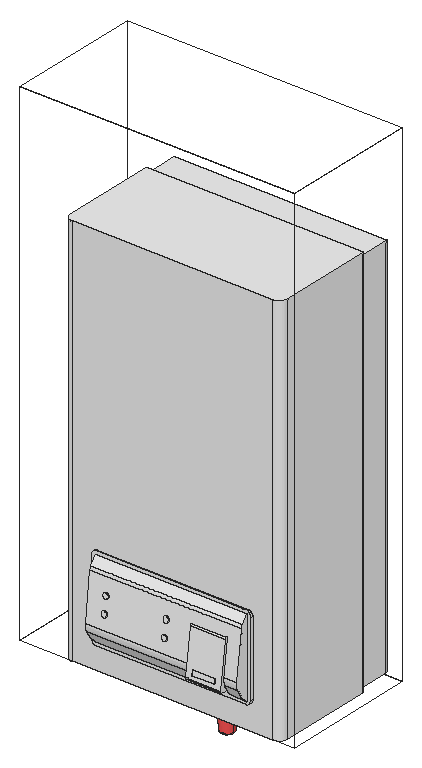
Revit family "SpecEquip_BoilingUnit_Zip UK_On-Wall_HydroBoilPlus", category Specialty Equipment, Revit 2016
Family settings
  Part Type = Normal
  Round Connector Dimension = Use Diameter
  OmniClass Number = 23.75.70.17.21
  OmniClass Title = Embedded Water Heating Terminals
  Work Plane-Based = No
  Always vertical = Yes
  Cut with Voids When Loaded = Yes
  Shared = No
  Room Calculation Point = No
Parameters (values of type "7.5l")
  Uniclass2015Version = "Products v1.14"
  Uniclass2015Title = "Electric storage water heaters"
  Uniclass2015Code = "Pr_60_60_96_28"
  URL = "https://www.zipwater.co.uk/"
  Type Comments = "7.5 Litre Hydroboil Plus"
  Required Space [instance] = yes
  ModifiedIssue_ANZRS = 20190830
  Model = "307562"
  Manufacturer_URL__Product Specific = "https://specify.zipwater.co.uk/our-ranges/hydroboil"
  Manufacturer_Spec Code = "307562"
  Manufacturer_Overall Width = 318 mm
  Manufacturer_Overall Height = 578 mm
  Manufacturer_Overall Depth = 198 mm
  Manufacturer_Height From FFL [instance] = 900 mm
  Manufacturer = "ZIP Water UK"  # constant formula
  IfcExportType = "WATER"
  IfcExportAs = "IfcBoiler"
  Body Material = z_Zip_White
  Description = "HydroBoil Plus - On wall boiling water"
  CreatedBy_ANZRS = "IGS BIM Solutions"  # constant formula
  CreatedByURL_ANZRS = "https://igsgroup.com.au/"
  Tap Material = z_Zip_Red
Types (3, lengths in mm): name | Type Comments | Model | Manufacturer_Spec Code | Manufacturer_Overall Width | Manufacturer_Overall Height | Manufacturer_Overall Depth
  7.5l | "7.5 Litre Hydroboil Plus" | "307562" | "307562" | 318 | 578 | 198
  5.0l | "5.0 Litre Hydroboil Plus" | "305562" | "305562" | 318 | 465 | 198
  3.0l | "3.0 Litre Hydroboil Plus" | "303562" | "303562" | 289 | 431 | 180
Reference planes
  plane 1 "Ref. Level": z = 0
  plane 2 "Center (Left/Right)": x = 1
  plane 3 "Right": x = 160
  plane 4 "Left": x = -158
  plane 5 "Bottom": z = 900
  plane 6 "Bottom of Filter": z = 874.21
  plane 7 "Front": y = -82.5
  plane 8 "Top": z = 1478
  plane 9 "Back": y = 115.5
  plane 10 "Center (Front/Back)": y = 16.5
  plane 11 "Filter Front": y = -107.5
  plane 12 "Right Offset": x = 118
  plane 13 "Left Offset": x = -116
  plane 14 "Center of outlet": y = -63.125
  plane 15 "Back Ref for bottom plate": y = -27.428
  plane 16 "Front Ref for bottom plate": y = -80.373
  plane 17 "Back offset": y = 68.5
  plane 18 "Top offset": z = 1472.6
  plane 19 "Bottom offset": z = 905.4
Forms (mm)
  Extrusion 1, solid, material "z_Zip_White" <- "Body Material"
    sketch origin (0, 0, 1478) x (0, 1, 0) y (-1, 0, 0)
      loop
        arc (115.5, 153.5) -> (115.061, 154.561) -> (114, 155) r 1.5
        line (114, 155) -> (68.5, 155) -> (68.5, -157) -> (114, -157)
        arc (114, -157) -> (115.061, -156.561) -> (115.5, -155.5) r 1.5
        line (115.5, -155.5) -> (115.5, 153.5)
    from -572.6 to -5.4
  Extrusion 2, solid, material "z_Zip_White" <- "Body Material"
    sketch origin (0, 0, 900) x (-1, 0, 0) y (0, -1, 0)
      loop
        arc (158, 70.5) -> (154.485, 78.985) -> (146, 82.5) r 12
        line (146, 82.5) -> (-148, 82.5)
        arc (-148, 82.5) -> (-156.485, 78.985) -> (-160, 70.5) r 12
        line (-160, 70.5) -> (-160, -67)
        arc (-160, -67) -> (-159.561, -68.061) -> (-158.5, -68.5) r 1.5
        line (-158.5, -68.5) -> (156.5, -68.5)
        arc (156.5, -68.5) -> (157.561, -68.061) -> (158, -67) r 1.5
        line (158, -67) -> (158, 70.5)
    from 0 to 578
  Extrusion 3, solid, material "z_Zip_White" <- "Body Material"
    sketch origin (1, 0, 2.439) x (0, 1, 0) y (0, 0, 1)
      loop
        line (-85, 1052.065) -> (-93.031, 1040.595)
        arc (-93.031, 1040.595) -> (-94.159, 1038.485) -> (-94.754, 1036.167) r 10
        line (-94.754, 1036.167) -> (-103.636, 968.837)
        arc (-103.636, 968.837) -> (-103.509, 962.779) -> (-101.574, 957.037) r 20
        arc (-101.574, 957.037) -> (-94.315, 945.862) -> (-85, 936.332) r 67.447
        line (-85, 936.332) -> (-85, 1052.065)
    from -111 to 111
  Extrusion 4, solid, material "z_Zip_White" <- "Body Material"
    sketch origin (1, 0.483, 2.439) x (0, 1, 0) y (0, 0, 1)
      loop
        arc (-107.965, 951.775) -> (-107.627, 950.372) -> (-106.433, 949.561) r 2
        line (-106.433, 949.561) -> (-101.236, 948.361) -> (-97.873, 950.68)
        arc (-97.873, 950.68) -> (-99.821, 953.806) -> (-101.595, 957.033) r 67.447
        arc (-101.595, 957.033) -> (-103.52, 962.779) -> (-103.636, 968.837) r 20
        line (-103.636, 968.837) -> (-96.896, 1019.23)
        arc (-96.896, 1019.23) -> (-98.509, 1018.277) -> (-99.298, 1016.577) r 3.155
        line (-99.298, 1016.577) -> (-107.965, 951.775)
    from 39 to 91
  Extrusion 5, void
    sketch origin (0, -82.5, 12.439) x (-1, 0, 0) y (0, 0, 1)
      loop
        arc (-40, 941.317) -> (-40.146, 940.964) -> (-40.5, 940.817) r 0.5
        line (-40.5, 940.817) -> (-91.5, 940.817)
        arc (-91.5, 940.817) -> (-91.854, 940.964) -> (-92, 941.317) r 0.5
        line (-92, 941.317) -> (-92, 925.959)
        arc (-92, 925.959) -> (-91.854, 926.312) -> (-91.5, 926.459) r 0.5
        line (-91.5, 926.459) -> (-40.539, 926.459)
        arc (-40.539, 926.459) -> (-40.158, 926.301) -> (-40, 925.92) r 0.539
        line (-40, 925.92) -> (-40, 941.317)
    from -14.972 to 0
  Extrusion 6, void
    sketch origin (0, -82.5, 12.439) x (-1, 0, 0) y (0, 0, 1)
      loop
        line (-48.626, 947.866) -> (-48.626, 954.367)
        arc (-48.626, 954.367) -> (-48.773, 954.72) -> (-49.126, 954.867) r 0.5
        line (-49.126, 954.867) -> (-81.814, 954.867)
        arc (-81.814, 954.867) -> (-82.168, 954.72) -> (-82.314, 954.367) r 0.5
        line (-82.314, 954.367) -> (-82.314, 947.867)
        arc (-82.314, 947.867) -> (-82.168, 947.513) -> (-81.814, 947.367) r 0.5
        line (-81.814, 947.367) -> (-49.125, 947.367)
        arc (-49.125, 947.367) -> (-48.773, 947.513) -> (-48.626, 947.866) r 0.499
      loop
        line (-49.126, 947.867) -> (-49.126, 954.367) -> (-81.814, 954.367) -> (-81.814, 947.867) -> (-49.126, 947.867)
    from -26.274 to -18.587
  Revolve 7, solid, material "z_Zip_Red" <- "Tap Material"
    sketch origin (0, -63.125, 874.21) x (0, 0, 1) y (-1, 0, 0)
      loop
        line (0, -72.246) -> (0, -73.163)
        arc (0, -73.163) -> (0.525, -74.514) -> (1.826, -75.156) r 2
        line (1.826, -75.156) -> (19.726, -76.215)
        arc (19.726, -76.215) -> (22.976, -77.818) -> (24.29, -81.196) r 5
        line (24.29, -81.196) -> (24.29, -72.246) -> (0, -72.246)
      axis (24.29, -65.5) -> (0, -65.5)
    angle from 0 to 360
  Extrusion 8, solid, material "z_Zip_Red" <- "Tap Material"
    sketch origin (-243, -1500.875, 900) x (-1, 0, 0) y (0, -1, 0)
      loop
        arc (-289.991, -1473.447) -> (-288.583, -1472.864) -> (-288, -1471.456) r 1.99
        line (-288, -1471.456) -> (-288, -1422.502)
        arc (-288, -1422.502) -> (-288.586, -1421.088) -> (-290, -1420.502) r 2
        line (-290, -1420.502) -> (-326, -1420.502)
        arc (-326, -1420.502) -> (-327.415, -1421.088) -> (-328, -1422.502) r 2
        line (-328, -1422.502) -> (-328, -1471.447)
        arc (-328, -1471.447) -> (-327.415, -1472.861) -> (-326, -1473.447) r 2
        line (-326, -1473.447) -> (-289.991, -1473.447)
    from 0 to -1.5
  Extrusion 9, solid, material "z_Zip_White" <- "Body Material"
    sketch origin (-298, -82.5, 1202.439) x (-1, 0, 0) y (0, 0, 1)
      loop
        arc (-182, -151.172) -> (-184.197, -145.869) -> (-189.5, -143.672) r 7.5
        line (-189.5, -143.672) -> (-408.5, -143.672)
        arc (-408.5, -143.672) -> (-413.803, -145.869) -> (-416, -151.172) r 7.5
        line (-416, -151.172) -> (-416, -260.172)
        arc (-416, -260.172) -> (-413.803, -265.476) -> (-408.5, -267.672) r 7.5
        line (-408.5, -267.672) -> (-189.5, -267.672)
        arc (-189.5, -267.672) -> (-184.197, -265.476) -> (-182, -260.172) r 7.5
        line (-182, -260.172) -> (-182, -151.172)
    from 0 to -2.5
  Extrusion 10, solid, material "z_Zip_Required Space", visible <- "Required Space"
    sketch origin (0, 0, 1478) x (0, 1, 0) y (-1, 0, 0)
      loop
        line (115.5, 223) -> (-82.5, 223) -> (-82.5, -180) -> (115.5, -180) -> (115.5, 223)
    from 150 to -578
  Extrusion 11, solid, material "z_Zip_White" <- "Body Material"
    sketch origin (48.351, 115.5, -74.33) x (-1, 0, 0) y (0, 0, 1)
      loop
        circle (-74.649, 999.33) r 7.5
    from 0 to 5
  Extrusion 12, solid, material "z_Zip_White" <- "Body Material"
    sketch origin (29.351, 115.5, -59.33) x (-1, 0, 0) y (0, 0, 1)
      loop
        circle (-74.649, 999.33) r 3
    from 0 to 5
  Extrusion 13, solid, material "z_Zip_White" <- "Body Material"
    sketch origin (1, -94.754, 1038.606) x (0, -0.130787, -0.99141) y (1, 0, 0)
      loop
        circle (24.586, 2.834) r 4
      loop
        circle (47.629, 2.834) r 4
      loop
        circle (24.586, -85.312) r 4
      loop
        circle (47.629, -85.312) r 4
    from -5.696 to 0.094
Cuts and joins
  Extrusion 6 cuts Extrusion 1
  Extrusion 5 cuts Extrusion 3
  Extrusion 5, Extrusion 6 cuts Extrusion 4
  joined: Revolve 7, Extrusion 8
Lines and regions (mm)
  Split face 1
    outline origin (112, -94.754, 1038.606) x (-1, 0, 0) y (0, -0.130787, -0.99141)
      loop
        arc (184.889, 16.108) -> (187.01, 16.987) -> (187.889, 19.108) r 3
        line (187.889, 19.108) -> (187.889, 53.108)
        arc (187.889, 53.108) -> (187.01, 55.229) -> (184.889, 56.108) r 3
        line (184.889, 56.108) -> (119.589, 56.108)
        arc (119.589, 56.108) -> (117.467, 55.229) -> (116.589, 53.108) r 3
        line (116.589, 53.108) -> (116.589, 19.108)
        arc (116.589, 19.108) -> (117.467, 16.987) -> (119.589, 16.108) r 3
        line (119.589, 16.108) -> (184.889, 16.108)
  Masking region 1
    outline origin (0, 0, 1478) x (0, 1, 0) y (-1, 0, 0)
      loop
        line (67, 158) -> (-70.5, 158)
        arc (-70.5, 158) -> (-78.985, 154.485) -> (-82.5, 146) r 12
        line (-82.5, 146) -> (-82.5, 116) -> (-85, 116) -> (-85, 110) -> (-103.808, 110) -> (-103.808, -40) -> (-107.5, -40) -> (-107.5, -92) -> (-103.808, -92) -> (-103.808, -112) -> (-85, -112) -> (-85, -118) -> (-82.5, -118) -> (-82.5, -148)
        arc (-82.5, -148) -> (-78.985, -156.485) -> (-70.5, -160) r 12
        line (-70.5, -160) -> (67, -160)
        arc (67, -160) -> (68.061, -159.561) -> (68.5, -158.5) r 1.5
        line (68.5, -158.5) -> (68.5, -157) -> (114, -157)
        arc (114, -157) -> (115.061, -156.561) -> (115.5, -155.5) r 1.5
        line (115.5, -155.5) -> (115.5, 153.5)
        arc (115.5, 153.5) -> (115.061, 154.561) -> (114, 155) r 1.5
        line (114, 155) -> (68.5, 155) -> (68.5, 156.5)
        arc (68.5, 156.5) -> (68.061, 157.561) -> (67, 158) r 1.5
  symbolic lines, style "Appliances", detail levels fine
    curve 1: line (40, -103.808, 1478) -> (40, -96.413, 1478)
    curve 2: line (40, -96.413, 1478) -> (92, -96.413, 1478)
    curve 3: line (92, -96.413, 1478) -> (92, -103.808, 1478)
    curve 82: line (-116, -85, 1478) -> (118, -85, 1478)
  symbolic lines, style "Appliances", detail levels medium+fine
    curve 4: line (-155, 68.5, 1478) -> (157, 68.5, 1478)
    curve 81: line (-116, -82.5, 1478) -> (118, -82.5, 1478)
  symbolic lines, style "Required Space"
    curve 5: line (-223, 115.5, 1478) -> (-223, -82.5, 1478)
    curve 6: line (-223, -82.5, 1478) -> (180, -82.5, 1478)
    curve 7: line (180, -82.5, 1478) -> (180, 115.5, 1478)
    curve 8: line (180, 115.5, 1478) -> (-223, 115.5, 1478)
    curve 83: line (-223, -82.5, 1628) -> (180, -82.5, 1628)
    curve 84: line (-223, -82.5, 900) -> (-223, -82.5, 1628)
    curve 85: line (180, -82.5, 900) -> (-223, -82.5, 900)
    curve 86: line (180, -82.5, 1628) -> (180, -82.5, 900)
    curve 87: line (160, 115.5, 1628) -> (160, -82.5, 1628)
    curve 88: line (160, -82.5, 1628) -> (160, -82.5, 900)
    curve 89: line (160, 115.5, 900) -> (160, 115.5, 1628)
    curve 90: line (160, -82.5, 900) -> (160, 115.5, 900)
  model lines, style "Appliances", detail levels medium+fine
    curve 9: line (160, 14.91, 1440.351) -> (160, -48.633, 1440.351)
    curve 10: line (160, 7.41, 1432.851) -> (160, -41.133, 1432.851)
    curve 11: arc (160, 7.41, 1432.851) -> (160, 12.713, 1435.048) -> (160, 14.91, 1440.351) r 7.5
    curve 12: arc (160, -41.133, 1432.851) -> (160, -46.436, 1435.048) -> (160, -48.633, 1440.351) r 7.5
    curve 13: line (160, 14.91, 1427.201) -> (160, -48.633, 1427.201)
    curve 14: line (160, 7.41, 1419.701) -> (160, -41.133, 1419.701)
    curve 15: arc (160, 7.41, 1419.701) -> (160, 12.713, 1421.898) -> (160, 14.91, 1427.201) r 7.5
    curve 16: arc (160, -41.133, 1419.701) -> (160, -46.436, 1421.898) -> (160, -48.633, 1427.201) r 7.5
    curve 17: line (160, 14.91, 1414.163) -> (160, -48.633, 1414.163)
    curve 18: line (160, 7.41, 1406.663) -> (160, -41.133, 1406.663)
    curve 19: arc (160, 7.41, 1406.663) -> (160, 12.713, 1408.86) -> (160, 14.91, 1414.163) r 7.5
    curve 20: arc (160, -41.133, 1406.663) -> (160, -46.436, 1408.86) -> (160, -48.633, 1414.163) r 7.5
    curve 21: line (160, 14.91, 1401.239) -> (160, -48.633, 1401.239)
    curve 22: line (160, 7.41, 1393.739) -> (160, -41.133, 1393.739)
    curve 23: arc (160, 7.41, 1393.739) -> (160, 12.713, 1395.936) -> (160, 14.91, 1401.239) r 7.5
    curve 24: arc (160, -41.133, 1393.739) -> (160, -46.436, 1395.936) -> (160, -48.633, 1401.239) r 7.5
    curve 25: line (160, 14.91, 1388.343) -> (160, -48.633, 1388.343)
    curve 26: line (160, 7.41, 1380.843) -> (160, -41.133, 1380.843)
    curve 27: arc (160, 7.41, 1380.843) -> (160, 12.713, 1383.04) -> (160, 14.91, 1388.343) r 7.5
    curve 28: arc (160, -41.133, 1380.843) -> (160, -46.436, 1383.04) -> (160, -48.633, 1388.343) r 7.5
    curve 29: line (160, 14.91, 1375.249) -> (160, -48.633, 1375.249)
    curve 30: line (160, 7.41, 1367.749) -> (160, -41.133, 1367.749)
    curve 31: arc (160, 7.41, 1367.749) -> (160, 12.713, 1369.945) -> (160, 14.91, 1375.249) r 7.5
    curve 32: arc (160, -41.133, 1367.749) -> (160, -46.436, 1369.945) -> (160, -48.633, 1375.249) r 7.5
    curve 33: line (-61.577, 115.5, 1226.504) -> (-141.119, 115.5, 1226.504)
    curve 34: line (-69.077, 115.5, 1219.004) -> (-133.619, 115.5, 1219.004)
    curve 35: arc (-69.077, 115.5, 1219.004) -> (-63.773, 115.5, 1221.201) -> (-61.577, 115.5, 1226.504) r 7.5
    curve 36: arc (-133.619, 115.5, 1219.004) -> (-138.923, 115.5, 1221.201) -> (-141.119, 115.5, 1226.504) r 7.5
    curve 37: line (-61.577, 115.5, 1213.354) -> (-141.119, 115.5, 1213.354)
    curve 38: line (-69.077, 115.5, 1205.854) -> (-133.619, 115.5, 1205.854)
    curve 39: arc (-69.077, 115.5, 1205.854) -> (-63.773, 115.5, 1208.05) -> (-61.577, 115.5, 1213.354) r 7.5
    curve 40: arc (-133.619, 115.5, 1205.854) -> (-138.923, 115.5, 1208.05) -> (-141.119, 115.5, 1213.354) r 7.5
    curve 41: line (-61.577, 115.5, 1200.316) -> (-141.119, 115.5, 1200.316)
    curve 42: line (-69.077, 115.5, 1192.816) -> (-133.619, 115.5, 1192.816)
    curve 43: arc (-69.077, 115.5, 1192.816) -> (-63.773, 115.5, 1195.012) -> (-61.577, 115.5, 1200.316) r 7.5
    curve 44: arc (-133.619, 115.5, 1192.816) -> (-138.923, 115.5, 1195.012) -> (-141.119, 115.5, 1200.316) r 7.5
    curve 45: line (-61.577, 115.5, 1187.392) -> (-141.119, 115.5, 1187.392)
    curve 46: line (-69.077, 115.5, 1179.892) -> (-133.619, 115.5, 1179.892)
    curve 47: arc (-69.077, 115.5, 1179.892) -> (-63.773, 115.5, 1182.088) -> (-61.577, 115.5, 1187.392) r 7.5
    curve 48: arc (-133.619, 115.5, 1179.892) -> (-138.923, 115.5, 1182.088) -> (-141.119, 115.5, 1187.392) r 7.5
    curve 49: line (-61.577, 115.5, 1174.496) -> (-141.119, 115.5, 1174.496)
    curve 50: line (-69.077, 115.5, 1166.996) -> (-133.619, 115.5, 1166.996)
    curve 51: arc (-69.077, 115.5, 1166.996) -> (-63.773, 115.5, 1169.192) -> (-61.577, 115.5, 1174.496) r 7.5
    curve 52: arc (-133.619, 115.5, 1166.996) -> (-138.923, 115.5, 1169.192) -> (-141.119, 115.5, 1174.496) r 7.5
    curve 53: line (-61.577, 115.5, 1161.401) -> (-141.119, 115.5, 1161.401)
    curve 54: line (-69.077, 115.5, 1153.901) -> (-133.619, 115.5, 1153.901)
    curve 55: arc (-69.077, 115.5, 1153.901) -> (-63.773, 115.5, 1156.098) -> (-61.577, 115.5, 1161.401) r 7.5
    curve 56: arc (-133.619, 115.5, 1153.901) -> (-138.923, 115.5, 1156.098) -> (-141.119, 115.5, 1161.401) r 7.5
    curve 57: line (-158, 14.91, 1440.351) -> (-158, -48.633, 1440.351)
    curve 58: line (-158, 7.41, 1432.851) -> (-158, -41.133, 1432.851)
    curve 59: arc (-158, 7.41, 1432.851) -> (-158, 12.713, 1435.048) -> (-158, 14.91, 1440.351) r 7.5
    curve 60: arc (-158, -41.133, 1432.851) -> (-158, -46.436, 1435.048) -> (-158, -48.633, 1440.351) r 7.5
    curve 61: line (-158, 14.91, 1427.201) -> (-158, -48.633, 1427.201)
    curve 62: line (-158, 7.41, 1419.701) -> (-158, -41.133, 1419.701)
    curve 63: arc (-158, 7.41, 1419.701) -> (-158, 12.713, 1421.898) -> (-158, 14.91, 1427.201) r 7.5
    curve 64: arc (-158, -41.133, 1419.701) -> (-158, -46.436, 1421.898) -> (-158, -48.633, 1427.201) r 7.5
    curve 65: line (-158, 14.91, 1414.163) -> (-158, -48.633, 1414.163)
    curve 66: line (-158, 7.41, 1406.663) -> (-158, -41.133, 1406.663)
    curve 67: arc (-158, 7.41, 1406.663) -> (-158, 12.713, 1408.86) -> (-158, 14.91, 1414.163) r 7.5
    curve 68: arc (-158, -41.133, 1406.663) -> (-158, -46.436, 1408.86) -> (-158, -48.633, 1414.163) r 7.5
    curve 69: line (-158, 14.91, 1401.239) -> (-158, -48.633, 1401.239)
    curve 70: line (-158, 7.41, 1393.739) -> (-158, -41.133, 1393.739)
    curve 71: arc (-158, 7.41, 1393.739) -> (-158, 12.713, 1395.936) -> (-158, 14.91, 1401.239) r 7.5
    curve 72: arc (-158, -41.133, 1393.739) -> (-158, -46.436, 1395.936) -> (-158, -48.633, 1401.239) r 7.5
    curve 73: line (-158, 14.91, 1388.343) -> (-158, -48.633, 1388.343)
    curve 74: line (-158, 7.41, 1380.843) -> (-158, -41.133, 1380.843)
    curve 75: arc (-158, 7.41, 1380.843) -> (-158, 12.713, 1383.04) -> (-158, 14.91, 1388.343) r 7.5
    curve 76: arc (-158, -41.133, 1380.843) -> (-158, -46.436, 1383.04) -> (-158, -48.633, 1388.343) r 7.5
    curve 77: line (-158, 14.91, 1375.249) -> (-158, -48.633, 1375.249)
    curve 78: line (-158, 7.41, 1367.749) -> (-158, -41.133, 1367.749)
    curve 79: arc (-158, 7.41, 1367.749) -> (-158, 12.713, 1369.945) -> (-158, 14.91, 1375.249) r 7.5
    curve 80: arc (-158, -41.133, 1367.749) -> (-158, -46.436, 1369.945) -> (-158, -48.633, 1375.249) r 7.5
Text (mm)
  text "Disclaimer:\n\nDue to ongoing product development and manufacturing evolution, product details are subject to change without notice. Please refer to product technical data sheets on the manufacturer’s website for the most current product information. Please allow a +/- 5mm manufacturing tolerance for dimensions and set-outs shown in product literature." at (481.069, 197.676, 0), in view "Ref. Level_Instruction"
Dimensions and locks
  "Manufacturer_Overall Width": plane 4 "Left" to plane 3 "Right"
  equal spacing: plane 4 "Left", plane 2 "Center (Left/Right)", plane 3 "Right"
  "Manufacturer_Height From FFL": plane 5 "Bottom" to plane 1 "Ref. Level"
  "Manufacturer_Overall Height": plane 8 "Top" to plane 5 "Bottom"
  "Manufacturer_Overall Depth": plane 9 "Back" to plane 7 "Front"
  equal spacing: plane 9 "Back", plane 10 "Center (Front/Back)", plane 7 "Front"
  Extrusion 1 sketch curve to plane 3 "Right" = 3 mm
  plane 4 "Left" to Extrusion 1 sketch curve = 3 mm
  locked: plane 7 "Front" to plane 11 "Filter Front" at 25
  plane 6 "Bottom of Filter" to plane 5 "Bottom" = 25.79 mm
  equal spacing: plane 13 "Left Offset", plane 2 "Center (Left/Right)", plane 12 "Right Offset", locked at 117 each
  locked: plane 7 "Front" to plane 14 "Center of outlet" at 19.375
  plane 15 "Back Ref for bottom plate" to plane 16 "Front Ref for bottom plate" to plane 7 "Front" = 52.945 mm locked, 2.127 mm locked
  locked: plane 8 "Top" to plane 18 "Top offset" at 5.4
  locked: plane 19 "Bottom offset" to plane 5 "Bottom" at 5.4
  radius of Extrusion 1 sketch curve = 1.5 mm  (x2)
  radius of Extrusion 2 sketch curve = 1.5 mm  (x2)
  radius of Extrusion 2 sketch curve = 12 mm  (x2)
  aligned and locked: Extrusion 1 sketch curve to plane 9 "Back"
  aligned and locked: plane 8 "Top" to Extrusion 2
  aligned and locked: Extrusion 10 to plane 5 "Bottom"
  aligned and locked: curve 5 to Extrusion 10
  aligned and locked: curve 6 to Extrusion 10
  aligned and locked: curve 7 to Extrusion 10
  aligned and locked: curve 8 to Extrusion 10
  aligned and locked: plane 17 "Back offset" to Masking region 1 sketch curve
  aligned and locked: Masking region 1 sketch curve to plane 17 "Back offset"
  aligned and locked: curve 4 to plane 17 "Back offset"
  aligned and locked: plane 18 "Top offset" to Extrusion 1
  aligned and locked: Extrusion 1 to plane 19 "Bottom offset"
Automatic sketch dimensions
  plane 16 "Front Ref for bottom plate" to Extrusion 8 sketch curve = 0 mm
  plane 15 "Back Ref for bottom plate" to Extrusion 8 sketch curve = 0 mm
  Extrusion 8 sketch curve to plane 16 "Front Ref for bottom plate" = 2 mm
  Extrusion 8 sketch curve to plane 12 "Right Offset" = 33 mm
  Extrusion 8 sketch curve to Extrusion 8 sketch curve = 2 mm
  Extrusion 8 sketch curve to Extrusion 8 sketch curve = 36 mm
  plane 15 "Back Ref for bottom plate" to Extrusion 8 sketch curve = 1.99 mm
  Extrusion 8 sketch curve to Extrusion 8 sketch curve = 36.01 mm
  curve 57 to plane 10 "Center (Front/Back)" = 1.59 mm
  curve 77 to plane 10 "Center (Front/Back)" = 1.59 mm
  curve 73 to plane 10 "Center (Front/Back)" = 1.59 mm
  curve 69 to plane 10 "Center (Front/Back)" = 1.59 mm
  curve 65 to plane 10 "Center (Front/Back)" = 1.59 mm
  curve 61 to plane 10 "Center (Front/Back)" = 1.59 mm
  curve 62 to plane 10 "Center (Front/Back)" = 9.09 mm
  curve 77 to curve 79 = 7.5 mm
  curve 58 to curve 63 = 0 mm
  curve 73 to curve 75 = 7.5 mm
  curve 66 to plane 10 "Center (Front/Back)" = 9.09 mm
  curve 71 to curve 66 = 0 mm
  plane 15 "Back Ref for bottom plate" to curve 60 = 13.704 mm
  plane 15 "Back Ref for bottom plate" to curve 80 = 13.704 mm
  curve 62 to curve 58 = 0 mm
  plane 15 "Back Ref for bottom plate" to curve 70 = 13.704 mm
  curve 68 to curve 64 = 0 mm
  curve 74 to curve 80 = 0 mm
  curve 78 to plane 18 "Top offset" = 104.851 mm
  curve 79 to curve 74 = 5.595 mm
  curve 76 to curve 70 = 5.396 mm
  curve 72 to curve 66 = 5.424 mm
  curve 68 to curve 62 = 5.538 mm
  curve 64 to curve 58 = 5.65 mm
  Extrusion 1 sketch curve to plane 17 "Back offset" = 0 mm
  Extrusion 2 sketch curve to plane 3 "Right" = 0 mm
  Extrusion 2 sketch curve to plane 7 "Front" = 0 mm
  Extrusion 2 sketch curve to plane 17 "Back offset" = 0 mm
  Extrusion 2 sketch curve to plane 4 "Left" = 0 mm
  curve 33 to plane 13 "Left Offset" = 54.423 mm
  curve 53 to plane 13 "Left Offset" = 54.423 mm
  curve 53 to curve 49 = 0 mm
  curve 49 to curve 45 = 0 mm
  curve 45 to curve 41 = 0 mm
  curve 41 to curve 37 = 0 mm
  curve 41 to curve 38 = 7.5 mm
  curve 53 to curve 55 = 7.5 mm
  curve 39 to curve 34 = 0 mm
  curve 49 to curve 51 = 7.5 mm
  curve 45 to curve 42 = 7.5 mm
  curve 47 to curve 42 = 0 mm
  plane 13 "Left Offset" to curve 36 = 17.619 mm
  plane 13 "Left Offset" to curve 56 = 17.619 mm
  curve 38 to curve 34 = 0 mm
  plane 13 "Left Offset" to curve 46 = 17.619 mm
  curve 44 to curve 40 = 0 mm
  curve 56 to curve 50 = 0 mm
  plane 19 "Bottom offset" to curve 54 = 248.501 mm
  curve 55 to curve 50 = 5.595 mm
  curve 52 to curve 46 = 5.396 mm
  curve 48 to curve 42 = 5.424 mm
  curve 44 to curve 38 = 5.538 mm
  curve 40 to curve 34 = 5.65 mm
  plane 11 "Filter Front" to Extrusion 3 sketch curve = 3.864 mm
  Extrusion 3 sketch curve to plane 7 "Front" = 12.254 mm
  Extrusion 3 sketch curve to Extrusion 3 sketch curve = 1.723 mm
  Extrusion 3 sketch curve to plane 7 "Front" = 2.5 mm
  Extrusion 3 sketch curve to plane 7 "Front" = 2.34 mm
  Extrusion 3 sketch curve to plane 7 "Front" = 1.308 mm
  plane 15 "Back Ref for bottom plate" to Extrusion 3 sketch curve = 14.232 mm
  plane 19 "Bottom offset" to Extrusion 3 sketch curve = 33.371 mm
  Extrusion 3 sketch curve to Extrusion 3 sketch curve = 29.89 mm
  Extrusion 3 sketch curve to Extrusion 3 sketch curve = 2.616 mm
  Extrusion 3 sketch curve to Extrusion 3 sketch curve = 21.789 mm
  Extrusion 3 sketch curve to Extrusion 3 sketch curve = 46.848 mm
  Extrusion 3 sketch curve to Extrusion 3 sketch curve = 1.308 mm
  Extrusion 3 sketch curve to Extrusion 3 sketch curve = 11.47 mm
  plane 11 "Filter Front" to Extrusion 4 sketch curve = 0.018 mm
  plane 11 "Filter Front" to Extrusion 4 sketch curve = 1.55 mm
  Extrusion 4 sketch curve to Extrusion 4 sketch curve = 1.982 mm
  plane 11 "Filter Front" to Extrusion 4 sketch curve = 4.347 mm
  Extrusion 4 sketch curve to Extrusion 4 sketch curve = 5.197 mm
  plane 11 "Filter Front" to Extrusion 4 sketch curve = 8.686 mm
  Extrusion 4 sketch curve to Extrusion 4 sketch curve = 3.363 mm
  Extrusion 4 sketch curve to Extrusion 4 sketch curve = 2.402 mm
  Extrusion 4 sketch curve to Extrusion 4 sketch curve = 3.127 mm
  Extrusion 4 sketch curve to plane 7 "Front" = 0.829 mm
  plane 15 "Back Ref for bottom plate" to Extrusion 4 sketch curve = 13.714 mm
  plane 19 "Bottom offset" to Extrusion 4 sketch curve = 45.4 mm
  Extrusion 4 sketch curve to Extrusion 4 sketch curve = 1.201 mm
  Extrusion 4 sketch curve to Extrusion 4 sketch curve = 2.319 mm
  Extrusion 4 sketch curve to Extrusion 4 sketch curve = 1.949 mm
  Extrusion 4 sketch curve to Extrusion 4 sketch curve = 15.506 mm
  Extrusion 4 sketch curve to Extrusion 4 sketch curve = 17.327 mm
  Extrusion 4 sketch curve to Extrusion 4 sketch curve = 21.713 mm
  Extrusion 4 sketch curve to Extrusion 4 sketch curve = 47.322 mm
  Extrusion 4 sketch curve to Extrusion 4 sketch curve = 0.418 mm
  Extrusion 5 sketch curve to plane 12 "Right Offset" = 26 mm
  Extrusion 5 sketch curve to Extrusion 5 sketch curve = 0.5 mm  (x2)
  plane 2 "Center (Left/Right)" to Extrusion 5 sketch curve = 39.539 mm
  Extrusion 5 sketch curve to Extrusion 5 sketch curve = 0.039 mm
  Extrusion 5 sketch curve to Extrusion 5 sketch curve = 0.539 mm
  plane 19 "Bottom offset" to Extrusion 5 sketch curve = 32.959 mm
  Extrusion 5 sketch curve to Extrusion 5 sketch curve = 14.359 mm
  Extrusion 6 sketch curve to plane 12 "Right Offset" = 35.686 mm
  Extrusion 6 sketch curve to Extrusion 6 sketch curve = 0.5 mm  (x3)
  Extrusion 6 sketch curve to Extrusion 6 sketch curve = 0 mm  (x4)
  Extrusion 6 sketch curve to Extrusion 6 sketch curve = 32.688 mm
  Extrusion 6 sketch curve to Extrusion 6 sketch curve = 0.001 mm
  plane 19 "Bottom offset" to Extrusion 6 sketch curve = 54.405 mm
  Extrusion 6 sketch curve to Extrusion 6 sketch curve = 6.5 mm
  Revolve 7 sketch curve to plane 6 "Bottom of Filter" = 0 mm  (x2)
  Revolve 7 sketch curve to plane 5 "Bottom" = 0 mm
  plane 6 "Bottom of Filter" to Revolve 7 sketch curve = 1.826 mm
  plane 6 "Bottom of Filter" to Revolve 7 sketch curve = 2 mm
  Revolve 7 sketch curve to plane 5 "Bottom" = 6.5 mm
  Revolve 7 sketch curve to Revolve 7 sketch curve = 0.436 mm
  Revolve 7 sketch curve to plane 5 "Bottom" = 1.5 mm
  Revolve 7 sketch curve to plane 12 "Right Offset" = 36.804 mm
  Revolve 7 sketch curve to Revolve 7 sketch curve = 4.981 mm
  Revolve 7 sketch curve to Revolve 7 sketch curve = 1.059 mm
  Revolve 7 sketch curve to Revolve 7 sketch curve = 0.917 mm
  Revolve 7 sketch curve to Revolve 7 sketch curve = 0 mm
  Revolve 7 sketch curve to Revolve 7 sketch curve = 6.746 mm
  Split face 1 sketch curve to cut or joined group of Extrusion 3, Extrusion 5 = 14.805 mm  (x2)
  Split face 1 sketch curve to cut or joined group of Extrusion 3, Extrusion 5 = 105.411 mm
  Split face 1 sketch curve to Split face 1 sketch curve = 3 mm  (x3)
  Split face 1 sketch curve to cut or joined group of Extrusion 3, Extrusion 5 = 37.111 mm
  cut or joined group of Extrusion 3, Extrusion 5 to Split face 1 sketch curve = 19.108 mm
  Extrusion 9 sketch curve to plane 12 "Right Offset" = 0 mm
  plane 13 "Left Offset" to Extrusion 9 sketch curve = 0 mm
  Extrusion 9 sketch curve to plane 12 "Right Offset" = 7.5 mm  (x2)
  Extrusion 9 sketch curve to plane 13 "Left Offset" = 7.5 mm  (x2)
  plane 19 "Bottom offset" to Extrusion 9 sketch curve = 29.366 mm
  Extrusion 9 sketch curve to Extrusion 9 sketch curve = 109 mm
  Extrusion 10 sketch curve to plane 7 "Front" = 0 mm
  Extrusion 10 sketch curve to plane 9 "Back" = 0 mm
  Extrusion 10 sketch curve to plane 3 "Right" = 20 mm
  plane 4 "Left" to Extrusion 10 sketch curve = 65 mm
  Masking region 1 sketch curve to plane 11 "Filter Front" = 0 mm
  Masking region 1 sketch curve to plane 12 "Right Offset" = 0 mm
  Masking region 1 sketch curve to plane 13 "Left Offset" = 0 mm
  Masking region 1 sketch curve to plane 7 "Front" = 0 mm  (x2)
  Masking region 1 sketch curve to plane 3 "Right" = 0 mm
  Masking region 1 sketch curve to plane 4 "Left" = 0 mm
  Masking region 1 sketch curve to plane 9 "Back" = 0 mm
  plane 11 "Filter Front" to Masking region 1 sketch curve = 3.692 mm  (x2)
  Masking region 1 sketch curve to plane 7 "Front" = 2.5 mm  (x2)
  plane 14 "Center of outlet" to Masking region 1 sketch curve = 7.375 mm  (x2)
  Masking region 1 sketch curve to Masking region 1 sketch curve = 1.5 mm  (x4)
  plane 3 "Right" to Masking region 1 sketch curve = 3 mm
  Masking region 1 sketch curve to plane 12 "Right Offset" = 6 mm
  Masking region 1 sketch curve to Masking region 1 sketch curve = 20 mm
  plane 2 "Center (Left/Right)" to Masking region 1 sketch curve = 39 mm
  Masking region 1 sketch curve to Masking region 1 sketch curve = 6 mm
  Masking region 1 sketch curve to plane 4 "Left" = 4.5 mm
  curve 82 to plane 13 "Left Offset" = 0 mm
  curve 82 to plane 12 "Right Offset" = 0 mm
  curve 5 to plane 7 "Front" = 0 mm
  curve 81 to plane 7 "Front" = 0 mm
  curve 8 to plane 9 "Back" = 0 mm
  curve 81 to plane 12 "Right Offset" = 0 mm
  curve 81 to plane 13 "Left Offset" = 0 mm
  plane 11 "Filter Front" to curve 1 = 11.087 mm
  curve 7 to plane 3 "Right" = 20 mm
  curve 2 to plane 12 "Right Offset" = 26 mm
  plane 2 "Center (Left/Right)" to curve 1 = 39 mm
  plane 4 "Left" to curve 8 = 65 mm
  curve 82 to curve 81 = 2.5 mm
  plane 11 "Filter Front" to curve 1 = 3.692 mm
  plane 11 "Filter Front" to curve 3 = 3.692 mm
  plane 3 "Right" to curve 4 = 3 mm
  curve 4 to plane 4 "Left" = 3 mm
  curve 9 to plane 10 "Center (Front/Back)" = 1.59 mm
  curve 9 to plane 18 "Top offset" = 32.249 mm
  curve 11 to curve 10 = 7.5 mm
  curve 13 to plane 10 "Center (Front/Back)" = 1.59 mm
  curve 10 to curve 13 = 5.65 mm
  curve 15 to curve 14 = 7.5 mm
  curve 17 to plane 10 "Center (Front/Back)" = 1.59 mm
  curve 14 to curve 17 = 5.538 mm
  curve 19 to curve 18 = 7.5 mm
  curve 21 to plane 10 "Center (Front/Back)" = 1.59 mm
  curve 18 to curve 21 = 5.424 mm
  curve 24 to curve 22 = 7.5 mm
  curve 25 to plane 10 "Center (Front/Back)" = 1.59 mm
  curve 22 to curve 25 = 5.396 mm
  curve 27 to curve 26 = 7.5 mm
  curve 29 to plane 10 "Center (Front/Back)" = 1.59 mm
  curve 26 to curve 29 = 5.595 mm
  curve 31 to curve 30 = 7.5 mm
  plane 15 "Back Ref for bottom plate" to curve 12 = 13.704 mm
  plane 15 "Back Ref for bottom plate" to curve 32 = 13.704 mm
  curve 14 to curve 10 = 0 mm
  plane 15 "Back Ref for bottom plate" to curve 22 = 13.704 mm
  curve 20 to curve 14 = 0 mm
  curve 26 to curve 32 = 0 mm
  plane 12 "Right Offset" to Extrusion 11 sketch curve = 5 mm
  plane 19 "Bottom offset" to Extrusion 11 sketch curve = 19.6 mm
  Extrusion 12 sketch curve to plane 12 "Right Offset" = 14 mm
  plane 19 "Bottom offset" to Extrusion 12 sketch curve = 34.6 mm
  Extrusion 3 to Extrusion 13 sketch curve = 24.586 mm  (x2)
  Extrusion 13 sketch curve to Extrusion 3 = 20.283 mm  (x2)
  Extrusion 3 to Extrusion 13 sketch curve = 25.688 mm
  Extrusion 13 sketch curve to Extrusion 13 sketch curve = 0 mm  (x2)
  Extrusion 13 sketch curve to Extrusion 13 sketch curve = 88.146 mm
  curve 85 to plane 5 "Bottom" = 0 mm
  curve 83 to plane 3 "Right" = 20 mm
  plane 4 "Left" to curve 85 = 65 mm
  plane 8 "Top" to curve 84 = 150 mm
  curve 87 to plane 7 "Front" = 0 mm
  curve 88 to plane 5 "Bottom" = 0 mm
  curve 90 to plane 9 "Back" = 0 mm
  plane 8 "Top" to curve 87 = 150 mm
  radius of Extrusion 11 sketch curve = 7.5 mm
  radius of Extrusion 12 sketch curve = 3 mm
  radius of Extrusion 13 sketch curve = 4 mm  (x4)
Connectors
  electrical at (104, 120.5, 940)
    settings: on Extrusion 12, index 3, voltage 230 V, apparent load 0 VA, apparent load phase1 0 VA, apparent load phase2 0 VA, apparent load phase3 0 VA, power factor 1, load classification "Other", number of poles 1, system type 30, power factor state 1, is connector primary yes, connector utility no, sub classification motor no, connector description "Electrical Connection"
  piping at (123, 120.5, 925), diameter 15
    settings: on Extrusion 11, index 4, connector inside diameter 609.6 mm, connector length 0 mm, flow factor 0, pipe flow 0.0 L/s, pressure drop 0.0 Pa, fitting loss kfactor 0, connector angle 0.00°, fixture units 0, engagement length 0 mm, angle of deflection 0.00°, flow configuration 0, flow direction 1, fitting loss method 4, system type 20, joint type 0, gender type 0, connector reference index -1, connector utility 0, adjustable connector no, is connector primary yes, connector description "Cold Water Supply"
